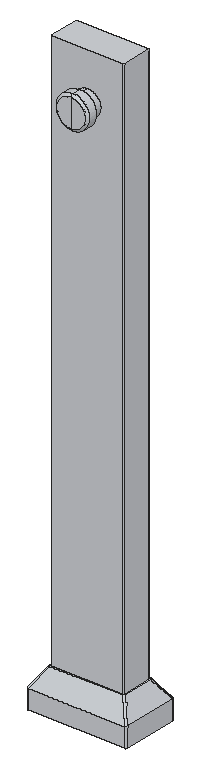
Revit family "Shower-Showerarm-KOHLER-LOURE-K-45527T", category Plumbing Fixtures, host Face, Revit 2017
Family settings
  Host = Face
  Round Connector Dimension = Use Diameter
  Part Type = Normal
  OmniClass Number = 23.31.17.00
  OmniClass Title = Showers
  Cut with Voids When Loaded = No
  Shared = No
  Room Calculation Point = No
Parameters (values of type "CP- Polished chrome")
  Width = 2 123/256"  # constant formula
  WaterSense Certified = 1 = 0  # no
  Waste Water Outlet = "Waste Water Outlet"  # constant formula
  Waste Connection = 1 = 0  # no
  Vent Connection = 1 = 0  # no
  URL = "http://www.kohler.com.cn/"
  Type = 1
  Tempered water inlet = "Tempered water inlet"  # constant formula
  Product Page URL = "https://www.kohler.com.cn/en/product/K-45527T-CP/K-45527T-CP/"
  Product Name = "LOURE"  # constant formula
  Product Documentation Link = "https://files.kohler.com.cn/pdfs/k_45527t_1.pdf"
  Pressure = 0.00 psi
  Model = if(Type = 1, "K-45527T-CP", if(Type = 2, "K-45527T-BL", "NA"))  # "K-45527T-CP"
  Material = "Metal construction"  # constant formula
  Master Format 2014 Name = "Residential Showers"  # constant formula
  Master Format 2014 = "22 42 23"  # constant formula
  Manufacturer Address = "Kohler Beijing Office (100016)\n36-2-03-B, No. 88, Liuxiang Road, Beijing"  # constant formula
  Manufacturer = "KOHLER Co."  # constant formula
  Length = 14 123/128"  # constant formula
  Hot Water Inlet = "Hot Water Inlet"  # constant formula
  Height = 1 117/256"  # constant formula
  HW Connection = 1 = 1  # yes
  Flow Rate = 0 GPM
  Finish = Kohler-Metal-CP-Polished_Chrome
  Environmental Product Declaration = ""
  Drain Included = 1 = 0  # no
  Description = "SHOWER ARM"  # constant formula
  Default Elevation = 42"
  Declare Label = ""
  Date Modified = "09/10/2020"  # constant formula
  Date Created = "09/10/2020"  # constant formula
  Copyright = "Copyright KOHLER Co."  # constant formula
  Contact Us = "http://www.kohler.com.cn/contact/contact-us/"
  Cold Water Inlet = "Cold Water Inlet"  # constant formula
  CW Connection = 1 = 0  # no
  Assembly Code = "D2010700"
  ADA Compliant = 1 = 0  # no
Types (3): name | Type | Product Page URL | Model | Finish
  (no name) | 1 | "https://www.kohler.com.cn/en/product/K-45527T-CP/K-45527T-CP/" | "K-45527T-CP" | Kohler-Metal-CP-Polished_Chrome
  CP- Polished chrome | 1 | "https://www.kohler.com.cn/en/product/K-45527T-CP/K-45527T-CP/" | "K-45527T-CP" | Kohler-Metal-CP-Polished_Chrome
  BL- Matte black | 2 | "https://www.kohler.com.cn/en/product/K-45527T-CP/K-45527T-BL/" | "K-45527T-BL" | Kohler-Metal-BL-Matte_Black
Reference planes (in)
  plane 1 "Center (Front/Back)": y = 0
  plane 2: z = 0
  plane 3 "Center (Left/Right)": x = 0
  plane 4: x = -1.24023
  plane 5: x = 1.24023
  plane 6: y = 0.72852
  plane 7: y = -0.72852
  plane 8: y = -0.90551
  plane 9: z = 14.96094
  plane 10: z = 13.77953
Dimensions and locks (in)
  equal spacing: plane 7, plane 1 "Center (Front/Back)", plane 6
  "Height": plane 7 to plane 6
  equal spacing: plane 4, plane 3 "Center (Left/Right)", plane 5
  "Width": plane 4 to plane 5
  "Length": level to plane 9
  locked: level to plane 10 at 13.77953
  aligned and locked: plane 2 to host face
  aligned and locked: level to host face
  aligned and locked: plane 1 "Center (Front/Back)" to nested 1
  aligned and locked: plane 3 "Center (Left/Right)" to nested 1
  aligned and locked: plane 4 to nested 1
  aligned and locked: plane 5 to nested 1
  aligned and locked: plane 6 to nested 1
  aligned and locked: plane 7 to nested 1
  aligned and locked: plane 8 to nested 1
  aligned and locked: plane 9 to nested 1
  aligned and locked: plane 10 to nested 1
Automatic sketch dimensions
  host sketch curve to host sketch curve = 96"  (x2)
Nested families (in)
  nested 1: "K-45527T" at (-0.00008, 0.00017, 0.00031), type "K-45527T"
Connectors (in)
  piping at (-0.00008, 0.00017, 0.00031), diameter 0.5, driven by "Flow Rate", driven by "HW Connection", driven by "Tempered water inlet"
    settings: on nested 1, index 1, connector inside diameter 24", connector length 0", flow factor 0, pipe flow 0 GPM, pressure drop 0.00 psi, fitting loss kfactor 0, connector angle 0.00°, fixture units 0, engagement length 0", angle of deflection 0.00°, flow configuration 0, flow direction 1, fitting loss method 0, system type 19, joint type 0, gender type 0, connector reference index -1, connector utility 1, adjustable connector no, is connector primary yes, connector description "Tempered water inlet"
Definition of nested family "K-45527T"
  Parameters (values of type "K-45527T")
    Material = none
  Reference planes (in)
    plane 1 "Center (Front/Back)": y = 0
    plane 2: z = 0
    plane 3 "Center (Left/Right)": x = 0
    plane 4: x = -1.24016
    plane 5: y = 0.72835
    plane 6: y = -0.72835
    plane 7: x = 1.24016
    plane 8: z = 14.96063
    plane 9: z = 13.77953
    plane 10: y = -0.90551
  Forms (in)
    Extrusion 1, solid, material <- "Material", detail levels medium+fine
      sketch origin (0, 0, 0) x (1, 0, 0) y (0, 1, 0)
        loop
          arc (-1.20079, 0.72835) -> (-1.22863, 0.71682) -> (-1.24016, 0.68898) r 0.03937
          line (-1.24016, 0.68898) -> (-1.24016, -0.68898)
          arc (-1.24016, -0.68898) -> (-1.22863, -0.71682) -> (-1.20079, -0.72835) r 0.03937
          line (-1.20079, -0.72835) -> (1.20079, -0.72835)
          arc (1.20079, -0.72835) -> (1.22863, -0.71682) -> (1.24016, -0.68898) r 0.03937
          line (1.24016, -0.68898) -> (1.24016, 0.68898)
          arc (1.24016, 0.68898) -> (1.22863, 0.71682) -> (1.20079, 0.72835) r 0.03937
          line (1.20079, 0.72835) -> (-1.20079, 0.72835)
      from 0 to 0.48216
    SweptBlend 2, solid, material <- "Material", detail levels medium+fine
      path origin (0, 0, 0) x (1, 0, 0) y (0, 0, 1)
        loop
          line (0, 0.48216) -> (0, 0.94488)
      profile origin (0, 0, 0.48216) x (-1, 0, 0) y (0, -1, 0)
        loop
          arc (1.20079, -0.72835) -> (1.22863, -0.71682) -> (1.24016, -0.68898) r 0.03937
          line (1.24016, -0.68898) -> (1.24016, 0.68898)
          arc (1.24016, 0.68898) -> (1.22863, 0.71682) -> (1.20079, 0.72835) r 0.03937
          line (1.20079, 0.72835) -> (-1.20079, 0.72835)
          arc (-1.20079, 0.72835) -> (-1.22863, 0.71682) -> (-1.24016, 0.68898) r 0.03937
          line (-1.24016, 0.68898) -> (-1.24016, -0.68898)
          arc (-1.24016, -0.68898) -> (-1.22863, -0.71682) -> (-1.20079, -0.72835) r 0.03937
          line (-1.20079, -0.72835) -> (1.20079, -0.72835)
      end profile origin (0, 0, 0.94488) x (-1, 0, 0) y (0, -1, 0)
        loop
          arc (0.90345, -0.43101) -> (0.93129, -0.41948) -> (0.94282, -0.39164) r 0.03937
          line (0.94282, -0.39164) -> (0.94282, 0.39164)
          arc (0.94282, 0.39164) -> (0.93129, 0.41948) -> (0.90345, 0.43101) r 0.03937
          line (0.90345, 0.43101) -> (-0.90345, 0.43101)
          arc (-0.90345, 0.43101) -> (-0.93129, 0.41948) -> (-0.94282, 0.39164) r 0.03937
          line (-0.94282, 0.39164) -> (-0.94282, -0.39164)
          arc (-0.94282, -0.39164) -> (-0.93129, -0.41948) -> (-0.90345, -0.43101) r 0.03937
          line (-0.90345, -0.43101) -> (0.90345, -0.43101)
    Extrusion 3, solid, material <- "Material", detail levels medium+fine
      sketch origin (0, 0, 0) x (1, 0, 0) y (0, 1, 0)
        loop
          line (0.88583, 0.3937) -> (-0.88583, 0.3937)
          arc (-0.88583, 0.3937) -> (-0.89975, 0.38794) -> (-0.90551, 0.37402) r 0.01969
          line (-0.90551, 0.37402) -> (-0.90551, -0.37402)
          arc (-0.90551, -0.37402) -> (-0.89975, -0.38794) -> (-0.88583, -0.3937) r 0.01969
          line (-0.88583, -0.3937) -> (0.88583, -0.3937)
          arc (0.88583, -0.3937) -> (0.89975, -0.38794) -> (0.90551, -0.37402) r 0.01969
          line (0.90551, -0.37402) -> (0.90551, 0.37402)
          arc (0.90551, 0.37402) -> (0.89975, 0.38794) -> (0.88583, 0.3937) r 0.01969
      from 0.94488 to 14.96063
    Revolve 4, solid, material <- "Material", detail levels medium+fine
      sketch origin (0, 0, 0) x (0, 1, 0) y (0, 0, 1)
        loop
          line (-0.90551, 13.77953) -> (-0.3937, 13.77953) -> (-0.3937, 14.1005) -> (-0.59055, 14.1005) -> (-0.59055, 14.13386) -> (-0.64325, 14.19292) -> (-0.84645, 14.19292) -> (-0.90551, 14.13385) -> (-0.90551, 13.77953)
        axis (-0.90551, 13.77953) -> (-0.3937, 13.77953)
      angle from 0 to 360
    Extrusion 5, solid, material <- "Material", detail levels coarse
      sketch origin (0, 0, 0) x (1, 0, 0) y (0, 1, 0)
        loop
          line (-1.24016, 0.72835) -> (-1.24016, -0.72835) -> (1.24016, -0.72835) -> (1.24016, 0.72835) -> (-1.24016, 0.72835)
      from 0 to 0.70773
    Extrusion 6, solid, material <- "Material", detail levels coarse
      sketch origin (0, 0, 0) x (1, 0, 0) y (0, 1, 0)
        loop
          line (0.90551, -0.3937) -> (0.90551, 0.3937) -> (-0.90551, 0.3937) -> (-0.90551, -0.3937) -> (0.90551, -0.3937)
      from 0.70773 to 14.96063
    Extrusion 7, solid, material <- "Material", detail levels coarse
      sketch origin (0, 0, 0) x (1, 0, 0) y (0, 0, 1)
        loop
          circle (0, 13.77953) r 0.41193
      from 0.26478 to 0.90551
    Extrusion 8, solid, material <- "Material"
      sketch origin (0, 0, 0) x (1, 0, 0) y (0, 1, 0)
        loop
          circle (0, 0) r 0.23622
      from 0 to 0.3937
  Cuts and joins
    joined: Extrusion 1, SweptBlend 2, Extrusion 3, Revolve 4
    joined: Extrusion 5, Extrusion 6, Extrusion 7
  Lines and regions (in)
    Masking region 1
      outline origin (0, 0, 0) x (1, 0, 0) y (0, 1, 0)
        loop
          line (1.20079, 0.72835) -> (-1.20079, 0.72835)
          arc (-1.20079, 0.72835) -> (-1.22863, 0.71682) -> (-1.24016, 0.68898) r 0.03937
          line (-1.24016, 0.68898) -> (-1.24016, -0.68898)
          arc (-1.24016, -0.68898) -> (-1.22863, -0.71682) -> (-1.20079, -0.72835) r 0.03937
          line (-1.20079, -0.72835) -> (-0.41339, -0.72835) -> (-0.41339, -0.84645) -> (-0.35433, -0.90551) -> (0, -0.90551) -> (0.35433, -0.90551) -> (0.41339, -0.84645) -> (0.41339, -0.72835) -> (1.20079, -0.72835)
          arc (1.20079, -0.72835) -> (1.22863, -0.71682) -> (1.24016, -0.68898) r 0.03937
          line (1.24016, -0.68898) -> (1.24016, 0.68898)
          arc (1.24016, 0.68898) -> (1.22863, 0.71682) -> (1.20079, 0.72835) r 0.03937
    Masking region 2
      outline origin (0, 0, 0) x (1, 0, 0) y (0, 0, 1)
        loop
          line (0.88583, 14.96063) -> (-0.88583, 14.96063)
          arc (-0.88583, 14.96063) -> (-0.89975, 14.95486) -> (-0.90551, 14.94094) r 0.01969
          line (-0.90551, 14.94094) -> (-0.90551, 0.94481)
          arc (-0.90551, 0.94481) -> (-0.93731, 0.93789) -> (-0.96138, 0.91599) r 0.06288
          line (-0.96138, 0.91599) -> (-1.23135, 0.49587)
          arc (-1.23135, 0.49587) -> (-1.23791, 0.4815) -> (-1.24016, 0.46586) r 0.05551
          line (-1.24016, 0.46586) -> (-1.24016, 0) -> (1.24016, 0) -> (1.24016, 0.46587)
          arc (1.24016, 0.46587) -> (1.23791, 0.4815) -> (1.23135, 0.49586) r 0.05548
          line (1.23135, 0.49586) -> (0.96138, 0.91599)
          arc (0.96138, 0.91599) -> (0.93731, 0.93789) -> (0.90551, 0.94481) r 0.06288
          line (0.90551, 0.94481) -> (0.90551, 14.94094)
          arc (0.90551, 14.94094) -> (0.89975, 14.95486) -> (0.88583, 14.96063) r 0.01969
    Masking region 3
      outline origin (0, 0, 0) x (0, 1, 0) y (0, 0, 1)
        loop
          line (0.37402, 14.96063) -> (-0.37402, 14.96063)
          arc (-0.37402, 14.96063) -> (-0.38794, 14.95486) -> (-0.3937, 14.94094) r 0.01969
          line (-0.3937, 14.94094) -> (-0.3937, 14.1005) -> (-0.59055, 14.1005) -> (-0.59055, 14.13386) -> (-0.64325, 14.19292) -> (-0.84645, 14.19292) -> (-0.90551, 14.13385) -> (-0.90551, 13.4252) -> (-0.84645, 13.36614) -> (-0.64325, 13.36614) -> (-0.59055, 13.4252) -> (-0.59055, 13.45855) -> (-0.3937, 13.45855) -> (-0.3937, 0.94448)
          arc (-0.3937, 0.94448) -> (-0.42416, 0.9397) -> (-0.44737, 0.91941) r 0.05551
          line (-0.44737, 0.91941) -> (-0.71835, 0.49772)
          arc (-0.71835, 0.49772) -> (-0.7258, 0.48141) -> (-0.72835, 0.46366) r 0.06299
          line (-0.72835, 0.46366) -> (-0.72835, 0) -> (0.72835, 0) -> (0.72835, 0.46366)
          arc (0.72835, 0.46366) -> (0.7258, 0.48141) -> (0.71835, 0.49772) r 0.06299
          line (0.71835, 0.49772) -> (0.44737, 0.91941)
          arc (0.44737, 0.91941) -> (0.42416, 0.9397) -> (0.3937, 0.94448) r 0.05551
          line (0.3937, 0.94448) -> (0.3937, 14.94094)
          arc (0.3937, 14.94094) -> (0.38794, 14.95486) -> (0.37402, 14.96063) r 0.01969
    symbolic lines, detail levels medium+fine
      curve 1: line (-0.94282, 0.39164, 0) -> (-1.24016, 0.68898, 0)
      curve 2: line (-0.90345, 0.43101, 0) -> (-1.20079, 0.72835, 0)
      curve 3: line (0.94282, 0.39164, 0) -> (1.24016, 0.68898, 0)
      curve 4: line (0.90345, 0.43101, 0) -> (1.20079, 0.72835, 0)
      curve 5: line (-0.94282, -0.39164, 0) -> (-1.24016, -0.68898, 0)
      curve 6: line (-0.90345, -0.43101, 0) -> (-1.20079, -0.72835, 0)
      curve 7: line (0.94282, -0.39164, 0) -> (1.24016, -0.68898, 0)
      curve 8: line (0.90345, -0.43101, 0) -> (1.20079, -0.72835, 0)
      curve 9: line (0.90345, 0.43101, 0) -> (-0.90345, 0.43101, 0)
      curve 10: line (0.88583, 0.3937, 0) -> (-0.88583, 0.3937, 0)
      curve 11: line (-0.88583, -0.3937, 0) -> (0.88583, -0.3937, 0)
      curve 12: arc (0.90551, 0.37402, 0) -> (0.89975, 0.38794, 0) -> (0.88583, 0.3937, 0) r 0.01969
      curve 13: arc (0.94282, 0.39164, 0) -> (0.93129, 0.41948, 0) -> (0.90345, 0.43101, 0) r 0.03937
      curve 14: line (0.94282, -0.39164, 0) -> (0.94282, 0.39164, 0)
      curve 15: line (0.90551, -0.37402, 0) -> (0.90551, 0.37402, 0)
      curve 16: arc (0.90345, -0.43101, 0) -> (0.93129, -0.41948, 0) -> (0.94282, -0.39164, 0) r 0.03937
      curve 17: arc (0.88583, -0.3937, 0) -> (0.89975, -0.38794, 0) -> (0.90551, -0.37402, 0) r 0.01969
      curve 18: line (-0.90345, -0.43101, 0) -> (-0.32097, -0.43101, 0)
      curve 19: arc (-0.88583, 0.3937, 0) -> (-0.89975, 0.38794, 0) -> (-0.90551, 0.37402, 0) r 0.01969
      curve 20: arc (-0.90345, 0.43101, 0) -> (-0.93129, 0.41948, 0) -> (-0.94282, 0.39164, 0) r 0.03937
      curve 21: line (-0.90551, 0.37402, 0) -> (-0.90551, -0.37402, 0)
      curve 22: line (-0.94282, 0.39164, 0) -> (-0.94282, -0.39164, 0)
      curve 23: arc (-0.94282, -0.39164, 0) -> (-0.93129, -0.41948, 0) -> (-0.90345, -0.43101, 0) r 0.03937
      curve 24: arc (-0.90551, -0.37402, 0) -> (-0.89975, -0.38794, 0) -> (-0.88583, -0.3937, 0) r 0.01969
      curve 25: line (0.32097, -0.43101, 0) -> (0.90345, -0.43101, 0)
      curve 26: line (-0.32097, -0.59055, 0) -> (-0.32097, -0.3937, 0)
      curve 27: line (0.32097, -0.59055, 0) -> (0.32097, -0.3937, 0)
      curve 28: line (0.32097, -0.59055, 0) -> (0.35433, -0.59055, 0)
      curve 29: line (0.35433, -0.59055, 0) -> (0.41339, -0.64325, 0)
      curve 30: line (0.41339, -0.64325, 0) -> (0.41339, -0.72835, 0)
      curve 31: line (-0.32097, -0.59055, 0) -> (-0.35433, -0.59055, 0)
      curve 32: line (-0.35433, -0.59055, 0) -> (-0.41339, -0.64325, 0)
      curve 33: line (-0.41339, -0.64325, 0) -> (-0.41339, -0.84645, 0)
      curve 34: line (-0.32097, -0.59055, 0) -> (0.32097, -0.59055, 0)
      curve 35: line (-0.41339, -0.84645, 0) -> (0.41339, -0.84645, 0)
      curve 36: line (-0.41339, -0.64325, 0) -> (0.41339, -0.64325, 0)
      curve 37: line (-0.35433, -0.59055, 0) -> (-0.35433, -0.90551, 0)
      curve 38: line (0.35433, -0.59055, 0) -> (0.35433, -0.90551, 0)
      curve 39: line (0.90551, 0.37402, 0) -> (-0.90551, 0.37402, 0)
      curve 40: line (-0.88583, 0.3937, 0) -> (-0.88583, -0.3937, 0)
      curve 41: line (-0.90551, -0.37402, 0) -> (0.90551, -0.37402, 0)
      curve 42: line (0.88583, -0.3937, 0) -> (0.88583, 0.3937, 0)
      curve 43: line (0.90551, 0, 14.94094) -> (-0.90551, 0, 14.94094)
      curve 44: line (0.90551, 0, 0.94481) -> (-0.90551, 0, 0.94481)
      curve 45: line (0.96138, 0, 0.91599) -> (-0.96138, 0, 0.91599)
      curve 46: line (1.24016, 0, 0.46587) -> (-1.24016, 0, 0.46587)
      curve 47: line (1.23135, 0, 0.49586) -> (-1.23135, 0, 0.49586)
      curve 48: line (0, -0.84645, 14.19292) -> (0, -0.84645, 13.36614)
      curve 49: line (0, -0.64325, 14.19292) -> (0, -0.64325, 13.36614)
      curve 50: line (0, -0.59055, 14.13385) -> (0, -0.59055, 13.4252)
      curve 51: line (0, -0.90551, 14.13385) -> (0, -0.59055, 14.13385)
      curve 52: line (0, -0.90551, 13.4252) -> (0, -0.59055, 13.4252)
      curve 53: line (0, -0.3937, 14.1005) -> (0, -0.3937, 13.45855)
      curve 54: line (0, -0.3937, 14.94094) -> (0, 0.3937, 14.94094)
      curve 55: line (0, -0.3937, 0.94448) -> (0, 0.3937, 0.94448)
      curve 56: line (0, -0.44737, 0.91941) -> (0, 0.44737, 0.91941)
      curve 57: line (0, -0.71835, 0.49772) -> (0, 0.71835, 0.49772)
      curve 58: line (0, -0.72835, 0.46366) -> (0, 0.72835, 0.46366)
  Dimensions and locks (in)
    aligned and locked: plane 2 to level
